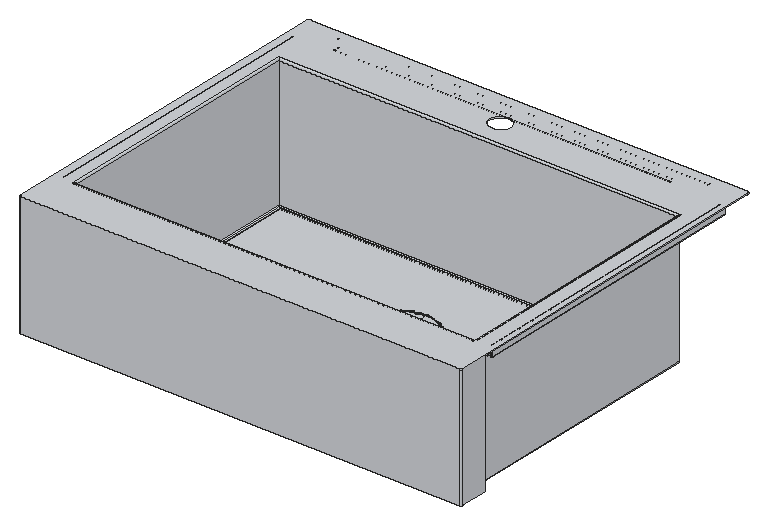
Revit family "Sink-Kitchen-KOHLER-Vault-K-3935", category Plumbing Fixtures, host Face, Revit 2015 (continued)
Definition of nested family "K-3935"
  Automatic sketch dimensions
    Extrusion 10 sketch curve to plane 5 = 0.89"
    plane 8 to Extrusion 10 sketch curve = 0.23127"
    Extrusion 10 sketch curve to Extrusion 10 sketch curve = 0.00823"
    Extrusion 10 sketch curve to Extrusion 10 sketch curve = 0.03"
    plane 8 to Extrusion 10 sketch curve = 0.23995"
    Extrusion 10 sketch curve to Extrusion 10 sketch curve = 0.00785"
    Extrusion 10 sketch curve to Extrusion 10 sketch curve = 0.02625"
    Extrusion 10 sketch curve to Extrusion 10 sketch curve = 0.00055"
    Extrusion 10 sketch curve to Extrusion 10 sketch curve = 0.03168"
    Extrusion 10 sketch curve to Extrusion 10 sketch curve = 0.02716"
    plane 8 to Extrusion 10 sketch curve = 0.07441"
    Extrusion 10 sketch curve to Extrusion 10 sketch curve = 0.06072"
    plane 8 to Extrusion 10 sketch curve = 0.093"
    Extrusion 10 sketch curve to Extrusion 10 sketch curve = 0.02391"
    Extrusion 10 sketch curve to Extrusion 10 sketch curve = 0.02178"
    Extrusion 10 sketch curve to Extrusion 10 sketch curve = 0.00418"
    Extrusion 10 sketch curve to Extrusion 10 sketch curve = 0.12722"
    Extrusion 10 sketch curve to Extrusion 10 sketch curve = 0.00579"
    plane 8 to Extrusion 10 sketch curve = 0.09378"
    Extrusion 10 sketch curve to Extrusion 10 sketch curve = 0.02152"
    Extrusion 10 sketch curve to Extrusion 10 sketch curve = 0.19686"
    plane 8 to Extrusion 10 sketch curve = 0.0738"
    Extrusion 10 sketch curve to Extrusion 10 sketch curve = 0.02311"
    Extrusion 10 sketch curve to Extrusion 10 sketch curve = 0.02527"
    Extrusion 10 sketch curve to Extrusion 10 sketch curve = 0.03205"
    Extrusion 10 sketch curve to Extrusion 10 sketch curve = 0.02639"
    Extrusion 10 sketch curve to Extrusion 10 sketch curve = 0.02523"
    Extrusion 10 sketch curve to Extrusion 10 sketch curve = 0.00102"
    plane 8 to Extrusion 10 sketch curve = 0.23985"
    Extrusion 10 sketch curve to Extrusion 10 sketch curve = 0.00791"
    plane 8 to Extrusion 10 sketch curve = 0.23099"
    Extrusion 10 sketch curve to Extrusion 10 sketch curve = 0.02952"
    Extrusion 10 sketch curve to Extrusion 10 sketch curve = 0.00034"
    level to Extrusion 10 sketch curve = 0.05651"
    Extrusion 10 sketch curve to Extrusion 10 sketch curve = 0.00013"
    Extrusion 10 sketch curve to Extrusion 10 sketch curve = 0.15812"
    Extrusion 10 sketch curve to Extrusion 10 sketch curve = 0.15849"
    Extrusion 10 sketch curve to Extrusion 10 sketch curve = 0.01573"
    Extrusion 10 sketch curve to Extrusion 10 sketch curve = 0.00722"
    Extrusion 11 sketch curve to plane 3 "Center (Left/Right)" = 0"
    Extrusion 11 sketch curve to plane 7 = 0"
    Masking region 2 sketch curve to plane 8 = 0"
    plane 14 to Masking region 2 sketch curve = 0"
    Masking region 2 sketch curve to plane 13 = 0"  (x2)
    Masking region 2 sketch curve to plane 9 = 0"  (x2)
    Masking region 2 sketch curve to plane 4 = 0"
    Masking region 2 sketch curve to Masking region 2 sketch curve = 1.3895"
    plane 9 to Masking region 2 sketch curve = 0.39298"  (x2)
    Masking region 2 sketch curve to Masking region 2 sketch curve = 0.07638"
    Masking region 2 sketch curve to Masking region 2 sketch curve = 0.00239"  (x2)
    plane 9 to Masking region 2 sketch curve = 0.07008"
    plane 15 to Masking region 2 sketch curve = 1.238"
    Masking region 2 sketch curve to Masking region 2 sketch curve = 0.14254"
    Masking region 2 sketch curve to Masking region 2 sketch curve = 0.1323"
    Masking region 2 sketch curve to plane 3 "Center (Left/Right)" = 1"
    Masking region 2 sketch curve to Masking region 2 sketch curve = 0.08638"
    Masking region 2 sketch curve to plane 3 "Center (Left/Right)" = 3/4"
    plane 3 "Center (Left/Right)" to Masking region 2 sketch curve = 3/4"
    Masking region 2 sketch curve to Masking region 2 sketch curve = 0.16362"
    plane 3 "Center (Left/Right)" to Masking region 2 sketch curve = 1"
    Masking region 2 sketch curve to Masking region 2 sketch curve = 1.48715"
    plane 16 to Masking region 2 sketch curve = 1.38054"
    plane 9 to Masking region 2 sketch curve = 0.07059"
    Masking region 2 sketch curve to Masking region 2 sketch curve = 0.14357"
    plane 9 to Masking region 2 sketch curve = 0.47171"
    Masking region 2 sketch curve to plane 4 = 1.48389"
    Masking region 2 sketch curve to plane 9 = 1.45466"  (x2)
    Masking region 2 sketch curve to Masking region 2 sketch curve = 1.17415"  (x2)
    Masking region 2 sketch curve to Masking region 2 sketch curve = 1.14609"
    Masking region 3 sketch curve to plane 14 = 0"
    Masking region 3 sketch curve to plane 6 = 0"
    Masking region 3 sketch curve to plane 5 = 0"
    Masking region 3 sketch curve to plane 4 = 0"
    Masking region 3 sketch curve to Masking region 3 sketch curve = 0.10962"
    Masking region 3 sketch curve to plane 5 = 1/4"
    Masking region 3 sketch curve to plane 4 = 1/4"
    Masking region 3 sketch curve to plane 4 = 0.11008"
    Extrusion 14 sketch curve to plane 5 = 0"
    Extrusion 14 sketch curve to plane 6 = 0"
    Extrusion 14 sketch curve to plane 14 = 0.0577"
    plane 11 to Extrusion 14 sketch curve = 0.0015"
    Extrusion 14 sketch curve to plane 14 = 1.39541"
    Extrusion 14 sketch curve to plane 10 = 0.0015"
    Extrusion 14 sketch curve to plane 4 = 1.40359"
    Extrusion 14 sketch curve to plane 4 = 0.0577"
    Extrusion 15 sketch curve to plane 14 = 1.09087"
    Extrusion 15 sketch curve to plane 10 = 0.0015"
    Extrusion 15 sketch curve to Extrusion 15 sketch curve = 0.30454"
    Extrusion 15 sketch curve to plane 4 = 1.40359"
    Extrusion 15 sketch curve to plane 4 = 1.17999"
    plane 10 to Extrusion 15 sketch curve = 0.14694"
    plane 11 to Extrusion 15 sketch curve = 0.0015"
    Extrusion 15 sketch curve to plane 11 = 0.14694"
    Extrusion 16 sketch curve to plane 14 = 1.39541"
    Extrusion 16 sketch curve to plane 4 = 1.17999"
    plane 10 to Extrusion 16 sketch curve = 0.14694"
    Extrusion 16 sketch curve to plane 11 = 0.14694"
    plane 1 "Center (Front/Back)" to Extrusion 17 sketch curve = 0"
    Extrusion 17 sketch curve to plane 3 "Center (Left/Right)" = 0"
    plane 1 "Center (Front/Back)" to Extrusion 18 sketch curve = 0"
    Extrusion 18 sketch curve to plane 3 "Center (Left/Right)" = 0"
    Extrusion 19 sketch curve to plane 6 = 0"
    Extrusion 19 sketch curve to plane 12 = 0"
    Extrusion 19 sketch curve to plane 13 = 0"
    plane 8 to Extrusion 19 sketch curve = 0.048"
    curve 13 to curve 14 = 0"  (x2)
    curve 13 to curve 135 = 0"  (x2)
    curve 14 to curve 135 = 0"  (x2)
    curve 15 to curve 16 = 0"  (x2)
    curve 17 to curve 18 = 0"  (x2)
    curve 19 to curve 20 = 0"  (x2)
    curve 21 to curve 22 = 0"  (x2)
    curve 23 to curve 24 = 0"  (x2)
    curve 25 to curve 26 = 0"  (x2)
    curve 27 to curve 28 = 0"  (x2)
    curve 29 to curve 30 = 0"  (x2)
    curve 31 to curve 32 = 0"  (x2)
    curve 33 to curve 34 = 0"  (x2)
    curve 35 to curve 36 = 0"  (x2)
    curve 37 to curve 38 = 0"  (x2)
    curve 39 to curve 40 = 0"  (x2)
    curve 41 to curve 42 = 0"  (x2)
    curve 43 to curve 44 = 0"  (x2)
    curve 45 to curve 46 = 0"  (x2)
    curve 47 to curve 48 = 0"  (x2)
    curve 49 to curve 50 = 0"  (x2)
    curve 51 to curve 52 = 0"  (x2)
    curve 53 to curve 54 = 0"  (x2)
    curve 55 to curve 56 = 0"  (x2)
    curve 57 to curve 58 = 0"  (x2)
    curve 59 to curve 60 = 0"  (x2)
    curve 61 to curve 62 = 0"  (x2)
    curve 63 to curve 64 = 0"  (x2)
    curve 65 to curve 66 = 0"  (x2)
    curve 67 to curve 68 = 0"  (x2)
    curve 69 to curve 70 = 0"  (x2)
    curve 71 to curve 72 = 0"  (x2)
    curve 73 to curve 74 = 0"  (x2)
    curve 75 to curve 76 = 0"  (x2)
    curve 77 to curve 78 = 0"  (x2)
    curve 79 to curve 80 = 0"  (x2)
    curve 81 to curve 82 = 0"  (x2)
    curve 83 to curve 84 = 0"  (x2)
    curve 85 to curve 86 = 0"  (x2)
    curve 87 to curve 88 = 0"  (x2)
    curve 89 to curve 90 = 0"  (x2)
    curve 91 to curve 92 = 0"  (x2)
    curve 93 to curve 94 = 0"  (x2)
    curve 95 to curve 96 = 0"  (x2)
    curve 97 to curve 98 = 0"  (x2)
    curve 99 to curve 100 = 0"  (x2)
    curve 101 to curve 102 = 0"  (x2)
    curve 103 to curve 104 = 0"  (x2)
    curve 105 to curve 106 = 0"  (x2)
    curve 107 to curve 108 = 0"  (x2)
    curve 109 to curve 110 = 0"  (x2)
    curve 111 to curve 112 = 0"  (x2)
    curve 113 to curve 114 = 0"  (x2)
    curve 115 to curve 116 = 0"  (x2)
    curve 117 to curve 118 = 0"  (x2)
    curve 119 to curve 120 = 0"  (x2)
    curve 121 to curve 122 = 0"  (x2)
    curve 123 to curve 124 = 0"  (x2)
    curve 125 to curve 126 = 0"  (x2)
    curve 127 to curve 128 = 0"  (x2)
    curve 129 to curve 130 = 0"  (x2)
    curve 131 to curve 132 = 0"  (x2)
    curve 133 to curve 134 = 0"  (x2)
    curve 137 to curve 148 = 0"  (x2)
    plane 10 to curve 140 = 0"
    plane 10 to curve 147 = 0"
    curve 137 to plane 7 = 0"
    curve 137 to plane 15 = 0"
    plane 1 "Center (Front/Back)" to curve 100 = 0"
    plane 1 "Center (Front/Back)" to curve 101 = 0"
    plane 1 "Center (Front/Back)" to curve 103 = 0"
    curve 18 to plane 3 "Center (Left/Right)" = 0"
    curve 19 to plane 3 "Center (Left/Right)" = 0"
    curve 136 to plane 3 "Center (Left/Right)" = 0"
    curve 129 to plane 3 "Center (Left/Right)" = 0"
    curve 134 to plane 3 "Center (Left/Right)" = 0"
    curve 132 to plane 3 "Center (Left/Right)" = 0"
    plane 1 "Center (Front/Back)" to curve 13 = 0"
    curve 13 to plane 3 "Center (Left/Right)" = 0"
    curve 16 to plane 3 "Center (Left/Right)" = 0"
    plane 1 "Center (Front/Back)" to curve 50 = 0"
    plane 1 "Center (Front/Back)" to curve 48 = 0"
    plane 1 "Center (Front/Back)" to curve 46 = 0"
    curve 138 to plane 7 = 0"
    curve 149 to plane 7 = 0"
    curve 149 to plane 16 = 0"
    curve 139 to plane 7 = 0"
    curve 139 to plane 17 = 0"
    curve 136 to plane 7 = 0"
    curve 143 to plane 14 = 1.39541"
    curve 100 to plane 3 "Center (Left/Right)" = 1.28061"
    curve 99 to curve 127 = 0.03266"
    curve 99 to curve 98 = 0.03266"
    curve 97 to curve 96 = 0.09411"
    curve 127 to curve 126 = 0.09411"
    curve 95 to curve 88 = 0.1514"
    curve 125 to curve 118 = 0.1514"
    curve 99 to curve 101 = 0.32797"
    curve 101 to curve 124 = 0.04583"
    curve 101 to curve 93 = 0.04583"
    curve 117 to curve 115 = 0.20385"
    curve 87 to curve 85 = 0.20385"
    curve 123 to curve 120 = 0.1358"
    curve 93 to curve 89 = 0.1358"
    curve 101 to curve 103 = 0.32829"
    curve 89 to curve 81 = 0.21159"
    curve 119 to curve 111 = 0.21159"
    curve 85 to curve 80 = 0.24305"
    curve 115 to curve 109 = 0.24305"
    curve 103 to curve 92 = 0.08292"
    curve 103 to curve 121 = 0.08292"
    curve 114 to plane 3 "Center (Left/Right)" = 0.31161"
    curve 83 to plane 3 "Center (Left/Right)" = 0.31161"
    curve 106 to plane 3 "Center (Left/Right)" = 0.29408"
    curve 76 to plane 3 "Center (Left/Right)" = 0.29408"
    curve 78 to plane 3 "Center (Left/Right)" = 0.28492"
    curve 108 to plane 3 "Center (Left/Right)" = 0.28492"
    plane 3 "Center (Left/Right)" to curve 24 = 0.28492"
    plane 3 "Center (Left/Right)" to curve 54 = 0.28492"
    plane 3 "Center (Left/Right)" to curve 51 = 0.29408"
    plane 3 "Center (Left/Right)" to curve 22 = 0.29408"
    plane 3 "Center (Left/Right)" to curve 59 = 0.31161"
    plane 3 "Center (Left/Right)" to curve 30 = 0.31161"
    curve 29 to curve 37 = 0.22982"
    curve 59 to curve 68 = 0.22982"
    curve 23 to curve 25 = 0.27063"
    curve 53 to curve 56 = 0.27063"
    curve 21 to curve 28 = 0.26533"
    curve 51 to curve 58 = 0.26533"
    curve 37 to curve 50 = 0.08292"
    curve 27 to curve 36 = 0.21159"
    curve 57 to curve 65 = 0.21159"
    curve 55 to curve 62 = 0.24305"
    curve 25 to curve 31 = 0.24305"
    curve 35 to curve 39 = 0.1358"
    curve 65 to curve 69 = 0.1358"
    curve 39 to curve 48 = 0.04583"
    curve 31 to curve 33 = 0.20385"
    curve 61 to curve 63 = 0.20385"
    curve 33 to curve 41 = 0.1514"
    curve 63 to curve 72 = 0.1514"
    curve 71 to curve 74 = 0.09411"
    curve 41 to curve 43 = 0.09411"
    curve 43 to curve 46 = 0.03266"
    plane 16 to curve 138 = 0.00304"
    curve 146 to plane 4 = 1.40359"
    plane 1 "Center (Front/Back)" to curve 130 = 1.28061"
    curve 130 to curve 53 = 0.03223"
    curve 129 to curve 108 = 0.03223"
    curve 53 to curve 55 = 0.09384"
    curve 107 to curve 110 = 0.09384"
    curve 56 to curve 62 = 0.15349"
    curve 110 to curve 116 = 0.15349"
    curve 129 to curve 132 = 0.32797"
    curve 131 to curve 105 = 0.04563"
    curve 132 to curve 51 = 0.04563"
    curve 115 to curve 117 = 0.20266"
    curve 61 to curve 64 = 0.20266"
    curve 105 to curve 111 = 0.13477"
    curve 51 to curve 58 = 0.13477"
    curve 131 to curve 133 = 0.32829"
    curve 58 to curve 65 = 0.21127"
    curve 112 to curve 120 = 0.21127"
    curve 64 to curve 72 = 0.24331"
    curve 118 to curve 126 = 0.24331"
    curve 133 to curve 113 = 0.08362"
    curve 134 to curve 60 = 0.08362"
    curve 114 to curve 122 = 0.22881"
    curve 60 to curve 67 = 0.22881"
    curve 66 to curve 69 = 0.26663"
    curve 120 to curve 123 = 0.26663"
    curve 69 to curve 73 = 0.00977"
    curve 123 to curve 128 = 0.00977"
    curve 98 to plane 1 "Center (Front/Back)" = 0.28458"
    curve 44 to plane 1 "Center (Front/Back)" = 0.28458"
    curve 43 to curve 40 = 0.00977"
    curve 97 to curve 94 = 0.00977"
    curve 93 to curve 92 = 0.01758"
    curve 39 to curve 38 = 0.01758"
    curve 38 to curve 30 = 0.22881"
    curve 91 to curve 83 = 0.22881"
    curve 44 to curve 41 = 0.2705"
    curve 97 to curve 95 = 0.2705"
    curve 40 to curve 36 = 0.26663"
    curve 93 to curve 89 = 0.26663"
    curve 83 to curve 20 = 0.08362"
    curve 89 to curve 81 = 0.21127"
    curve 36 to curve 28 = 0.21127"
    curve 95 to curve 87 = 0.24331"
    curve 41 to curve 33 = 0.24331"
    curve 81 to curve 75 = 0.13477"
    curve 28 to curve 21 = 0.13477"
    curve 75 to curve 18 = 0.04563"
    curve 34 to curve 32 = 0.20266"
    curve 87 to curve 86 = 0.20266"
    curve 31 to curve 25 = 0.15349"
    curve 85 to curve 80 = 0.15349"
    curve 26 to curve 23 = 0.09384"
    curve 79 to curve 78 = 0.09384"
    curve 77 to curve 16 = 0.03223"
    plane 11 to curve 142 = 0.0015"
    curve 140 to curve 147 = 0.00818"
    curve 147 to curve 125 = 0.89105"
    curve 144 to plane 1 "Center (Front/Back)" = 1.2838"
    curve 144 to curve 87 = 0.96182"
    curve 97 to curve 97 = 3/32"
    curve 127 to curve 127 = 3/32"
    curve 125 to curve 125 = 3/32"
    curve 95 to curve 95 = 3/32"
    curve 118 to curve 117 = 3/32"
    curve 88 to curve 87 = 3/32"
    curve 93 to curve 93 = 3/32"
    curve 123 to curve 123 = 3/32"
    curve 116 to curve 115 = 3/32"
    curve 86 to curve 85 = 3/32"
    curve 89 to curve 89 = 3/32"
    curve 120 to curve 119 = 3/32"
    curve 82 to curve 81 = 3/32"
    curve 111 to curve 111 = 3/32"
    curve 110 to curve 109 = 3/32"
    curve 79 to curve 79 = 3/32"
    curve 121 to curve 121 = 3/32"
    curve 92 to curve 91 = 3/32"
    curve 114 to curve 113 = 3/32"
    curve 83 to curve 83 = 3/32"
    curve 106 to curve 105 = 3/32"
    curve 75 to curve 75 = 3/32"
    curve 108 to curve 107 = 3/32"
    curve 78 to curve 77 = 3/32"
    curve 131 to curve 131 = 3/32"
    curve 134 to curve 133 = 3/32"
    curve 16 to curve 15 = 3/32"
    curve 17 to curve 17 = 3/32"
    curve 20 to curve 19 = 3/32"
    curve 130 to curve 129 = 3/32"
    curve 23 to curve 23 = 3/32"
    curve 53 to curve 53 = 3/32"
    curve 22 to curve 21 = 3/32"
    curve 51 to curve 51 = 3/32"
    curve 29 to curve 29 = 3/32"
    curve 60 to curve 59 = 3/32"
    curve 67 to curve 67 = 3/32"
    curve 38 to curve 37 = 3/32"
    curve 26 to curve 25 = 3/32"
    curve 55 to curve 55 = 3/32"
    curve 27 to curve 27 = 3/32"
    curve 58 to curve 57 = 3/32"
    curve 35 to curve 35 = 3/32"
    curve 65 to curve 65 = 3/32"
    curve 62 to curve 61 = 3/32"
    curve 31 to curve 31 = 3/32"
    curve 69 to curve 69 = 3/32"
    curve 40 to curve 39 = 3/32"
    curve 33 to curve 33 = 3/32"
    curve 63 to curve 63 = 3/32"
    curve 41 to curve 41 = 3/32"
    curve 72 to curve 71 = 3/32"
    curve 44 to curve 43 = 3/32"
    curve 74 to curve 73 = 3/32"
    curve 145 to plane 1 "Center (Front/Back)" = 1.23523"
    plane 1 "Center (Front/Back)" to curve 146 = 1.15104"
    plane 1 "Center (Front/Back)" to curve 102 = 3/32"
    plane 1 "Center (Front/Back)" to curve 45 = 3/32"
    plane 1 "Center (Front/Back)" to curve 103 = 3/32"
    plane 1 "Center (Front/Back)" to curve 99 = 3/32"
    plane 1 "Center (Front/Back)" to curve 47 = 3/32"
    plane 1 "Center (Front/Back)" to curve 49 = 3/32"
    Masking region 1 sketch curve to plane 6 = 0"
    plane 8 to Masking region 1 sketch curve = 0"
    Masking region 1 sketch curve to plane 13 = 0"
    Masking region 1 sketch curve to plane 12 = 0"
    Masking region 1 sketch curve to plane 9 = 0"  (x2)
    Masking region 1 sketch curve to level = 0"
    Masking region 1 sketch curve to plane 5 = 0"
    plane 6 to Masking region 1 sketch curve = 0.06702"
    plane 6 to Masking region 1 sketch curve = 7/64"
    plane 12 to Masking region 1 sketch curve = 0.10958"
    Masking region 1 sketch curve to plane 12 = 0.04489"
    plane 8 to Masking region 1 sketch curve = 0.048"  (x2)
    plane 10 to Masking region 1 sketch curve = 11/256"
    Masking region 1 sketch curve to Masking region 1 sketch curve = 11/256"
    Masking region 1 sketch curve to plane 10 = 0.08125"
    Masking region 1 sketch curve to Masking region 1 sketch curve = 0.00409"
    plane 9 to Masking region 1 sketch curve = 0.02183"
    plane 1 "Center (Front/Back)" to Masking region 1 sketch curve = 2.65727"
    Masking region 1 sketch curve to Masking region 1 sketch curve = 0.03782"
    Masking region 1 sketch curve to Masking region 1 sketch curve = 0.11831"  (x2)
    plane 1 "Center (Front/Back)" to Masking region 1 sketch curve = 1"
    Masking region 1 sketch curve to Masking region 1 sketch curve = 0.08338"
    Masking region 1 sketch curve to Masking region 1 sketch curve = 0.16662"  (x2)
    Masking region 1 sketch curve to plane 1 "Center (Front/Back)" = 3/4"
    Masking region 1 sketch curve to plane 1 "Center (Front/Back)" = 1"
    Masking region 1 sketch curve to Masking region 1 sketch curve = 1.50115"
    plane 9 to Masking region 1 sketch curve = 0.03083"
    Masking region 1 sketch curve to Masking region 1 sketch curve = 0.0534"
    plane 11 to Masking region 1 sketch curve = 0.07068"
    Masking region 1 sketch curve to Masking region 1 sketch curve = 0.00605"
    Masking region 1 sketch curve to Masking region 1 sketch curve = 0.07068"
    plane 7 to Masking region 1 sketch curve = 0.5425"
    plane 8 to Masking region 1 sketch curve = 0.26205"
    Masking region 1 sketch curve to plane 5 = 0.89"
    plane 8 to Masking region 1 sketch curve = 0.23127"
    Masking region 1 sketch curve to Masking region 1 sketch curve = 0.00823"
    Masking region 1 sketch curve to Masking region 1 sketch curve = 0.03"
    plane 8 to Masking region 1 sketch curve = 0.23995"
    Masking region 1 sketch curve to Masking region 1 sketch curve = 0.00785"
    Masking region 1 sketch curve to Masking region 1 sketch curve = 0.02625"
    Masking region 1 sketch curve to Masking region 1 sketch curve = 0.00055"
    Masking region 1 sketch curve to Masking region 1 sketch curve = 0.02716"
    plane 8 to Masking region 1 sketch curve = 0.07441"
    Masking region 1 sketch curve to Masking region 1 sketch curve = 0.06072"
    plane 8 to Masking region 1 sketch curve = 0.093"
    Masking region 1 sketch curve to Masking region 1 sketch curve = 0.02391"
    Masking region 1 sketch curve to Masking region 1 sketch curve = 0.02178"
    Masking region 1 sketch curve to Masking region 1 sketch curve = 0.00418"
    Masking region 1 sketch curve to Masking region 1 sketch curve = 0.12722"
    Masking region 1 sketch curve to Masking region 1 sketch curve = 0.00579"
    plane 8 to Masking region 1 sketch curve = 0.09378"
    Masking region 1 sketch curve to Masking region 1 sketch curve = 0.02152"
    Masking region 1 sketch curve to Masking region 1 sketch curve = 0.19686"
    plane 8 to Masking region 1 sketch curve = 0.0738"
    Masking region 1 sketch curve to Masking region 1 sketch curve = 0.02311"
    Masking region 1 sketch curve to Masking region 1 sketch curve = 0.02527"
    Masking region 1 sketch curve to Masking region 1 sketch curve = 0.03205"
    Masking region 1 sketch curve to Masking region 1 sketch curve = 0.02639"
    Masking region 1 sketch curve to Masking region 1 sketch curve = 0.02523"
    Masking region 1 sketch curve to Masking region 1 sketch curve = 0.00102"
    plane 8 to Masking region 1 sketch curve = 0.23985"
    Masking region 1 sketch curve to Masking region 1 sketch curve = 0.00791"
    plane 8 to Masking region 1 sketch curve = 0.23099"
    Masking region 1 sketch curve to Masking region 1 sketch curve = 0.02952"
    Masking region 1 sketch curve to plane 9 = 1.46866"  (x2)
    Masking region 1 sketch curve to Masking region 1 sketch curve = 1.17715"  (x2)
    Masking region 1 sketch curve to Masking region 1 sketch curve = 1.14609"
    plane 9 to Masking region 1 sketch curve = 0.38227"
    plane 9 to Masking region 1 sketch curve = 0.39153"
    level to Masking region 1 sketch curve = 0.05639"
    Masking region 1 sketch curve to Masking region 1 sketch curve = 0.00013"
    level to Masking region 1 sketch curve = 0.05654"
    Masking region 1 sketch curve to Masking region 1 sketch curve = 0.00034"
    Masking region 1 sketch curve to Masking region 1 sketch curve = 0.15849"
    Masking region 1 sketch curve to Masking region 1 sketch curve = 0.15812"
    Masking region 1 sketch curve to Masking region 1 sketch curve = 0.01573"
    Masking region 1 sketch curve to Masking region 1 sketch curve = 0.00722"
    Masking region 1 sketch curve to Masking region 1 sketch curve = 0.01001"
    Masking region 1 sketch curve to Masking region 1 sketch curve = 0.048"
    Masking region 1 sketch curve to Masking region 1 sketch curve = 0"  (x2)
    plane 14 to curve 150 = 0"
    curve 12 to plane 13 = 0"
    curve 8 to plane 9 = 0"
    curve 150 to plane 4 = 0"
    curve 150 to plane 21 = 0"
    curve 12 to plane 14 = 1.3895"
    plane 9 to curve 9 = 0.07008"
    plane 15 to curve 9 = 1.238"
    curve 9 to curve 8 = 0.14254"
    curve 10 to plane 3 "Center (Left/Right)" = 1"
    curve 11 to plane 3 "Center (Left/Right)" = 3/4"
    plane 3 "Center (Left/Right)" to curve 11 = 3/4"
    plane 3 "Center (Left/Right)" to curve 10 = 1"
    plane 16 to curve 8 = 1.38054"
    plane 9 to curve 9 = 0.07053"
    curve 8 to curve 9 = 0.14346"
    curve 12 to plane 4 = 1.40513"
    curve 10 to plane 9 = 1.58697"
    curve 11 to plane 20 = 1.14609"
    plane 21 to curve 2 = 0"
    curve 3 to level = 0"
    curve 3 to plane 10 = 0"
    curve 4 to plane 9 = 0"
    curve 3 to plane 11 = 0"
    plane 21 to curve 1 = 0"
    plane 10 to curve 2 = 55/256"
    plane 9 to curve 5 = 0.02184"
    plane 1 "Center (Front/Back)" to curve 5 = 2.65727"
    curve 5 to curve 4 = 0.03782"
    plane 1 "Center (Front/Back)" to curve 6 = 1"
    plane 1 "Center (Front/Back)" to curve 7 = 3/4"
    curve 7 to plane 1 "Center (Front/Back)" = 3/4"
    curve 6 to plane 1 "Center (Front/Back)" = 1"
    curve 6 to curve 4 = 1.61946"
    plane 9 to curve 5 = 0.03083"
    curve 4 to curve 5 = 0.0534"
    plane 7 to curve 2 = 0.5425"
    curve 1 to plane 5 = 0.74574"
    curve 1 to curve 1 = 0.13718"
    curve 6 to plane 9 = 1.58697"
    curve 7 to plane 20 = 1.14609"
    Extrusion 2 sketch curve to plane 14 = 0"
    Extrusion 2 sketch curve to plane 6 = 0"
    Extrusion 2 sketch curve to plane 5 = 0"
    Extrusion 2 sketch curve to plane 4 = 0"
    plane 6 to Extrusion 2 sketch curve = 7/64"
    Extrusion 2 sketch curve to plane 5 = 1/4"
    Extrusion 2 sketch curve to plane 4 = 1/4"
    Extrusion 2 sketch curve to plane 4 = 7/64"
    Extrusion 20 sketch curve to plane 14 = 0"
    Extrusion 20 sketch curve to plane 6 = 0"
    plane 12 to Extrusion 20 sketch curve = 0"
    plane 6 to Extrusion 20 sketch curve = 7/64"
    Extrusion 20 sketch curve to plane 4 = 7/64"
    Extrusion 20 sketch curve to plane 4 = 0"
    Extrusion 12 sketch curve to plane 17 = 0"
    Extrusion 13 sketch curve to plane 15 = 0"
    Extrusion 13 sketch curve to plane 16 = 0"
    radius of Extrusion 7 sketch curve = 3/32"  (x60)
    radius of Extrusion 11 sketch curve = 0.71771"
    radius of Extrusion 17 sketch curve = 2.34659"
    radius of Extrusion 18 sketch curve = 2.34659"
    radius of curve 14 = 1.76894"
    radius of curve 135 = 0.31079"
    radius of curve 136 = 0.71771"
    radius of curve 137 = 0.71771"
    radius of curve 138 = 0.71771"
    radius of curve 139 = 0.71771"
    radius of curve 148 = 0.71771"
    radius of curve 149 = 0.71771"
    radius of Extrusion 12 sketch curve = 0.71771"
    radius of Extrusion 13 sketch curve = 0.71771"  (x2)
Types (4): name | Type | Single Hole | Product Page URL | Product Documentation Link | Model | Fourth Hole Distance | Faucet  Hole Spacing | 4_Hole | 3_Hole
  (no name) | 1 | yes | "http://www.us.kohler.com/us/catalog/productDetails.jsp?productNumber=3935-1" | "https://www.us.kohler.com/webassets/kpna/catalog/pdf/en/K-3935-1_spec.pdf" | "K-3935-1-NA" | 0" | 0" | no | no
  Single Hole,NA-Stainless | 1 | yes | "http://www.us.kohler.com/us/catalog/productDetails.jsp?productNumber=3935-1" | "https://www.us.kohler.com/webassets/kpna/catalog/pdf/en/K-3935-1_spec.pdf" | "K-3935-1-NA" | 0" | 0" | no | no
  3 Holes,NA-Stainless | 2 | no | "http://www.us.kohler.com/us/catalog/productDetails.jsp?productNumber=3935-3" | "https://www.us.kohler.com/webassets/kpna/catalog/pdf/en/K-3935-3_spec.pdf" | "K-3935-3-NA" | 0" | 8" | no | yes
  4 Holes,NA-Stainless | 3 | no | "http://www.us.kohler.com/us/catalog/productDetails.jsp?productNumber=3935-4" | "https://www.us.kohler.com/webassets/kpna/catalog/pdf/en/K-3935-4_spec.pdf" | "K-3935-4-NA" | 6 1/8" | 8" | yes | no
